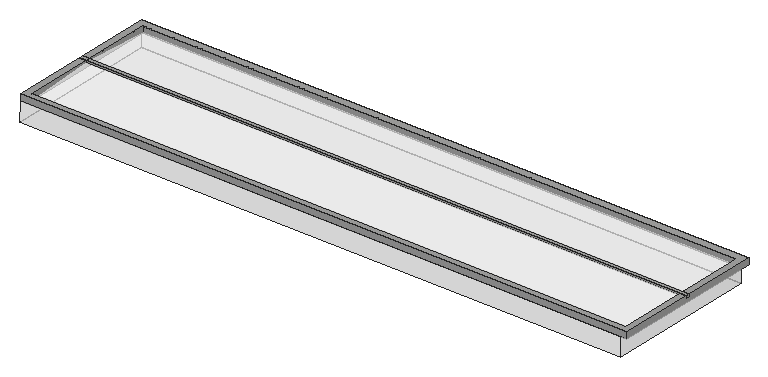
Revit family "VSY14", category Lighting Fixtures, host Face, Revit 2014
Parameters (values of type "VSY14")
  zz Length = Row Length - 1"  # 47"
  Width = 12"
  Wattage = 30 W
  Warranty = "Five-year warranty"  # constant formula
  built-in parameter 1150110 = 1 (stored number, unit not read)
  Voltage = 120 V
  Wattage Comments = "18-61 W"  # constant formula
  URL = "https://www.hubbell.com/columbialighting/en/"
  built-in parameter 1114217 = 1 (stored number, unit not read)
  Tilt Angle = -90.00°
  built-in parameter 1150109 = 1 (stored number, unit not read)
  built-in parameter 1150134 = 3
  built-in parameter 1150113 = 1 (stored number, unit not read)
  Product Link = "https://www.hubbell.com/hubbelllightingci/en/Products/Lighting-Controls/Commercial-Indoor-Lighting/Recessed-Linear-Troffers/Versify-Architectural-Edge-Lit/p/3788218"
  Product Documentation Link = "https://hubbellcdn.com/specsheet/COL_VSY14_spec.pdf"
  Photometric Web File = "VSY14-30HLHE-EDU.ies"
  built-in parameter 1150142 = "IESNA:LM-63-1995\r\n[TEST] 23393\r\n[DATE] 6/7/2019\r\n[MANUFAC] COLUMBIA LIGHTING\r\n[LUMCAT] VSY14-30HLHE-EDU\r\n[LUMINAIRE] Versify™ Architectural Edge Lit, Recessed Architectural\r\n[MORE] 1' x 4' Led with acrylic diffuser\r\n[MORE] Data Scaled from Test# 19.01010\r\n[LAMPCAT] Led\r\n[BALLASTCAT] XI050C140V054BST1\r\n[BALLAST] EDU\r\n[_MOUNTING] Recessed\r\n[_BALLASTFACTOR] 1.00\r\n[_SHIELDING_ANGLE_0] 90\r\n[_SHIELDING_ANGLE_90] 90\r\nTILT=NONE\r\n1 -1 1.0 37 5 1 1 0.87 3.91 0.00\r\n1.00 1 38.46\r\n0.00 2.50 5.00 7.50 10.00 12.50 15.00 17.50 20.00 22.50 25.00 27.50 30.00 32.50\r\n35.00 37.50 40.00 42.50 45.00 47.50 50.00 52.50 55.00 57.50 60.00 62.50 65.00\r\n67.50 70.00 72.50 75.00 77.50 80.00 82.50 85.00 87.50 90.00\r\n0.00 22.50 45.00 67.50 90.00\r\n1887 1881 1873 1861 1844 1822 1795 1762 1725 1685 1639 1589 1534 1477 1416 1353\r\n1286 1219 1150 1081 1010 939 868 795 725 655 586 517 453 387 323 263 203 146 92\r\n42 1\r\n1887 1883 1876 1863 1846 1823 1797 1765 1728 1688 1642 1592 1537 1480 1418 1355\r\n1288 1221 1153 1083 1012 940 869 795 723 651 580 509 441 375 309 247 186 129 76\r\n27 1\r\n1887 1889 1881 1869 1852 1830 1803 1771 1735 1695 1650 1602 1549 1492 1432 1369\r\n1303 1235 1164 1092 1018 943 867 792 717 644 572 502 433 366 301 237 177 120 67\r\n22 1\r\n1887 1883 1876 1863 1847 1825 1799 1768 1732 1693 1650 1603 1552 1496 1438 1375\r\n1307 1238 1166 1093 1019 944 868 792 715 640 567 495 426 358 292 228 168 111 59\r\n21 1\r\n1887 1884 1877 1865 1849 1826 1801 1770 1736 1699 1656 1610 1560 1505 1445 1382\r\n1315 1244 1173 1101 1025 950 874 797 721 645 571 499 429 361 294 230 170 111 59\r\n21 1\r\n"
  Model = "VSY14"  # constant formula
  Manufacturer = "Columbia Lighting"  # constant formula
  Row Length = 48"
  built-in parameter 1150105 = 334.23 (stored number, unit not read)
  Lumens = 4200 lm
  built-in parameter 1150115 = 1 (stored number, unit not read)
  Load Classification = Lighting
  built-in parameter 1150137 = (empty or 0)
  built-in parameter 1150139 = (empty or 0)
  built-in parameter 1150112 = 1 (stored number, unit not read)
  built-in parameter 1150114 = 1 (stored number, unit not read)
  Lamp = "LED lamp"  # constant formula
  Light Bulb = Hubbell - White Glass
  built-in parameter 1150132 = (empty or 0)
  built-in parameter 1150102 = (empty or 0)
  built-in parameter 1150107 = 3200 (stored number, unit not read)
  built-in parameter 1150138 = (empty or 0)
  built-in parameter 1150106 = 3.3423 (stored number, unit not read)
  Frame = Paint - Hubbell - Gray Smooth
  Features = "Architectural styling in an edge-lit luminaire\r\n• High efficiency acrylic lens featuring edge lit technology\r\n• Ideal for offices, schools, medical, and public spaces\r\n• Up to 141 lumens per watt\r\n• Stylish controls integration\r\n• 2inch overall depth, 2 1/4inch with emergency battery pack\r\n• Certified UL924 for fixtures with battery or DTS (Dimming Bypass\r\nModule) options"  # constant formula
  Emit from Rectangle Width = Width  # 12"
  Emit from Rectangle Length = Row Length  # 48"
  Emit Shape Visible in Rendering = no
  built-in parameter 1150104 = 13.006 (stored number, unit not read)
  Dimming Lamp Color Temperature Shift = <None>
  Description = "VERSIFY™ 1'X4' ARCHITECTURAL EDGE-LIT"  # constant formula
  Default Elevation = 48"
  Contact us = "https://www.hubbell.com/hubbelllightingci/en/contactUs"
  Color Filter = 16777215
  Certification = "• IC label is standard for recessed products\r\n• All luminaires are built to UL1598 and\r\n2108 standards, and bear appropriate\r\ncCSAus labels\r\n• Damp Location label standard. Emergencyequipped fixtures labeled UL 924\r\n• Adheres to LM79, LM80, and TM21\r\nindustry standards"
  built-in parameter 1114218 = 1 (stored number, unit not read)
  Backbox = Hubbell - White
  built-in parameter 1150133 = 10 (stored number, unit not read)
  Apparent Load = 0 VA
Reference planes (in)
  plane 1 "Center (Front/Back)": y = 0.03999
  plane 2: z = 0
  plane 3 "Center (Left/Right)": x = 1.66944
  plane 4: x = -22.33056
  plane 5: x = 25.66944
  plane 6: z = -2
  plane 7: y = -5.96001
  plane 8: y = 6.03999
  plane 9: z = 0.125
Forms (in)
  Extrusion 1, void
    sketch origin (0, 0.03999, 0) x (1, 0, 0) y (0, 0, 1)
      loop
        line (-22.33056, 0) -> (-22.33056, -2) -> (25.66944, -2) -> (25.66944, 0) -> (-22.33056, 0)
    from -6 to 6
  Sweep 2, solid, material "Paint - Hubbell - Gray Smooth" <- "Frame"
    path origin (0, 0, 0) x (1, 0, 0) y (0, 1, 0)
      loop
        line (-22.33056, 6.03999) -> (-22.33056, -5.96001) -> (25.66944, -5.96001) -> (25.66944, 6.03999) -> (-22.33056, 6.03999)
    profile origin (1.66944, 6.03999, 0) x (0, 1, 0) y (0, 0, 1)
      loop
        line (0, 0) -> (-0.5, 0) -> (-0.5, -0.5) -> (0, -0.5) -> (0, 0)
  Sweep 3, solid, material "Paint - Hubbell - Gray Smooth" <- "Frame"
    path origin (0, 0, 0) x (1, 0, 0) y (0, 1, 0)
      loop
        line (-22.33056, 0.03999) -> (25.66944, 0.03999)
    profile origin (1.66944, 0.03999, 0) x (0, 1, 0) y (0, 0, 1)
      loop
        line (0.14533, 0) -> (-0.125, 0) -> (-0.125, -0.17867) -> (0.14533, -0.17867) -> (0.14533, 0)
  Extrusion 4, solid, material "Hubbell - White Glass" <- "Light Bulb"
    sketch origin (1.66944, 0, 0) x (0, 1, 0) y (0, 0, 1)
      loop
        line (6.03999, -2) -> (6.03999, -0.5) -> (0.14954, -0.13468) -> (-0.05423, -0.13468) -> (-5.96001, -0.5) -> (-5.96001, -2) -> (6.03999, -2)
    from -24 to 23.5
Dimensions and locks (in)
  equal spacing: plane 5, plane 3 "Center (Left/Right)", plane 4
  "Row Length": plane 5 to plane 4
  equal spacing: plane 7, plane 1 "Center (Front/Back)", plane 8
  "Width": plane 7 to plane 8
  plane 9 to plane 2 = 1/8"
  plane 9 to plane 6 = 2 1/8"
  plane 4 to plane 5 = 48"
  aligned and locked: plane 2 to host face
  aligned and locked: level to host face
  aligned and locked: Extrusion 1 sketch curve to level
  aligned and locked: plane 4 to Extrusion 1 sketch curve
  aligned and locked: Extrusion 1 sketch curve to plane 5
  aligned and locked: plane 6 to Extrusion 1 sketch curve
  aligned and locked: Extrusion 1 to plane 8
  aligned and locked: Extrusion 1 to plane 7
  aligned and locked: plane 8 to Sweep 2 sketch curve
  aligned and locked: plane 4 to Sweep 2 sketch curve
  aligned and locked: plane 7 to Sweep 2 sketch curve
  aligned and locked: Sweep 2 sketch curve to plane 5
  aligned and locked: Extrusion 4 to plane 4
  aligned and locked: plane 5 to Sweep 2
  aligned and locked: Extrusion 4 to Sweep 2
Automatic sketch dimensions
  host sketch curve to host sketch curve = 96"  (x2)
  Sweep 2 sketch curve to level = 0"
  Sweep 2 sketch curve to profile plane = 0"
  profile plane to Sweep 2 sketch curve = 1/2"
  Sweep 2 sketch curve to Sweep 2 sketch curve = 1/2"
  plane 1 "Center (Front/Back)" to Sweep 3 sketch curve = 0"
  Sweep 3 sketch curve to plane 4 = 0"
  Sweep 3 sketch curve to plane 5 = 0"
  Extrusion 4 sketch curve to plane 7 = 0"
  Extrusion 4 sketch curve to plane 8 = 0"
  Extrusion 4 sketch curve to plane 6 = 0"
  plane 1 "Center (Front/Back)" to Extrusion 4 sketch curve = 0.09422"
  Extrusion 4 sketch curve to plane 1 "Center (Front/Back)" = 0.10955"
  Extrusion 4 sketch curve to level = 1/2"  (x2)
  Extrusion 4 sketch curve to level = 0.13468"
  Sweep 3 sketch curve to level = 0"
  profile plane to Sweep 3 sketch curve = 1/8"
  Sweep 3 sketch curve to profile plane = 0.14533"
  Sweep 3 sketch curve to level = 0.17867"
Connectors (in)
  electrical at (1.66944, 0.03999, -0.5)
    settings: on Sweep 2, index 1, voltage 0 V, apparent load 0 VA, apparent load phase1 0 VA, apparent load phase2 0 VA, apparent load phase3 0 VA, power factor 1, load classification "Other", number of poles 1, system type 30, power factor state 1, is connector primary yes, connector utility no, sub classification motor no, connector description "Lighting Connector"
